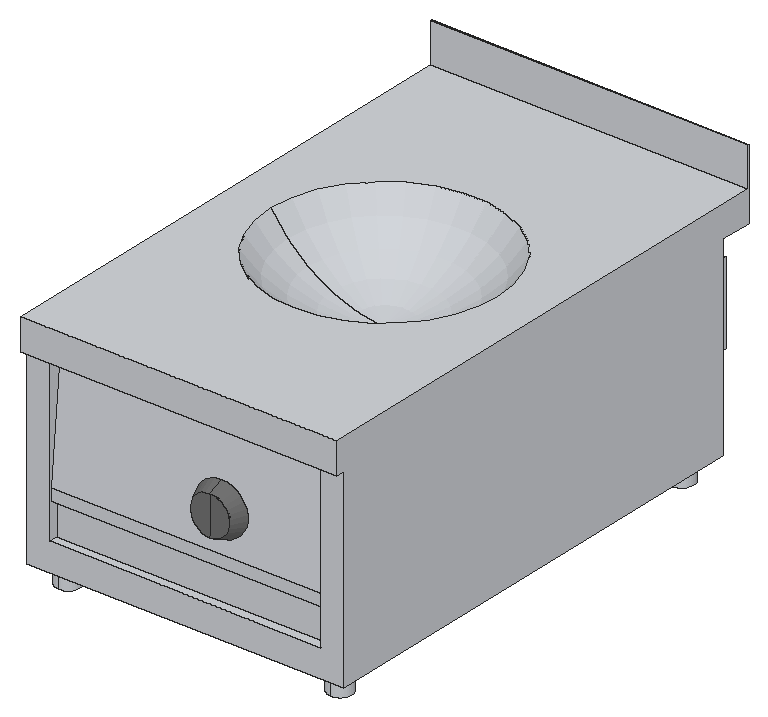
Revit family "Wok SKWi", category Specialty Equipment, Revit 2025
Family settings
  Round Connector Dimension = Use Diameter
  Part Type = Normal
  OmniClass Number = 23.40.40.14.17.17
  OmniClass Title = Ranges
  Work Plane-Based = No
  Enable Cutting in Views = No
  Always vertical = Yes
  Cut with Voids When Loaded = No
  Maintain Annotation Orientation = No
  Shared = No
  Room Calculation Point = No
Parameters (values of type "SKWi - Induction Wok")
  Width = 400 mm
  Weight = ""
  Watts = 3600 W
  Volts = 240 V
  URL Cutsheet = ""
  URL = ""
  Specification by User [instance] = ""
  Specification by Manufacturer = ""
  Serial Number = ""
  Seismic Rating = ""
  SMACNA No = ""
  Phase = 1
  NAFEM Spec ID Number = ""
  Model = "SKWi"
  Masterspec = ""
  Manufacturer = "ADVENTYS"
  Item Number [instance] = ""
  Installed By [instance] = ""
  Height = 310 mm
  HP = ""
  Furnished By [instance] = ""
  Foodservice Equipment Identifier [instance] = yes
  FL Amps = 15 A
  Elec Conn RI Height = 0 mm
  Description = "Induction Wok"
  Depth = 650 mm
  Default Elevation = 0 mm
  CSI MasterFormat = ""
Reference planes
  plane 1 "BACK": y = 0
  plane 2: z = 0
  plane 3 "LEFT": x = 0
  plane 4 "RIGHT": x = 400
  plane 5 "FRONT": y = -650
  plane 6 "TOP": z = 900
  plane 7: z = 590
  plane 8 "CEN": y = -325
  plane 9: y = -173.767
  plane 10: y = -476.233
Forms (mm)
  Revolve 1, solid
    sketch origin (250.129, -43.649, 0) x (0, 1, 0) y (0, 0, 1)
      loop
        line (-601, 768) -> (-601, 801) -> (-619, 793) -> (-619, 768) -> (-601, 768)
      axis (-601, 768) -> (-619, 768)
    angle from 0 to 360
  Extrusion 2, solid
    sketch origin (0, 0, 50) x (0, 1, 0) y (0, 0, 1)
      loop
        line (0, 900) -> (-1.5, 900) -> (-1.5, 850) -> (-650, 850) -> (-650, 810) -> (-639.498, 810) -> (-639.498, 564.95) -> (-39.498, 564.95) -> (-39.498, 810) -> (0, 810) -> (0, 900)
    from 0 to 400
  Extrusion 3, solid
    sketch origin (0, 0, 0) x (0, 1, 0) y (0, 0, 1)
      loop
        line (-39.498, 812.387) -> (-39.498, 709.062) -> (0, 709.062) -> (0, 812.387) -> (-39.498, 812.387)
    from 28.3 to 371.9
  Extrusion 4, solid
    sketch origin (0, 0, 900) x (0, 1, 0) y (-1, 0, 0)
      loop
        circle (-69.498, -28.3) r 15
      loop
        circle (-69.498, -371.7) r 15
      loop
        circle (-609.498, -28.3) r 15
      loop
        circle (-609.498, -371.7) r 15
    from -310 to -285.05
  Revolve 5, void
    sketch origin (0, -325, -50) x (-1, 0, 0) y (0, 0, 1)
      loop
        line (-200, 967.66) -> (-353.196, 967.66)
        arc (-353.196, 967.66) -> (-290.434, 895.851) -> (-200, 865.563) r 182.288
        line (-200, 865.563) -> (-200, 967.66)
      axis (-200, 865.563) -> (-200, 967.66)
    angle from 0 to 360
  Extrusion 6, void
    sketch origin (0, 0.981, 0.034) x (0, 1, 0) y (0, 0, 1)
      loop
        line (-641.025, 860) -> (-641.025, 651.388) -> (-629.498, 651.388) -> (-629.498, 696.388) -> (-639.498, 696.388) -> (-639.498, 711.388) -> (-625, 860) -> (-641.025, 860)
    from 29.298 to 371.9
Cuts and joins
  Revolve 5, Extrusion 6 cuts Extrusion 2
Dimensions and locks
  "Width": plane 4 "RIGHT" to plane 3 "LEFT"
  "Height": plane 7 to plane 6 "TOP"
  "Depth": plane 5 "FRONT" to plane 1 "BACK"
  plane 6 "TOP" to level = 900 mm
  aligned and locked: level to plane 2
  aligned and locked: plane 1 "BACK" to import instance
Automatic sketch dimensions
  plane 5 "FRONT" to Revolve 1 sketch curve = 12.649 mm
  Revolve 1 sketch curve to plane 5 "FRONT" = 5.351 mm
  Revolve 1 sketch curve to plane 6 "TOP" = 132 mm
  Revolve 1 sketch curve to Revolve 1 sketch curve = 25 mm
  Revolve 1 sketch curve to Revolve 1 sketch curve = 8 mm
  Revolve 1 sketch curve to Revolve 1 sketch curve = 0 mm  (x3)
  Extrusion 2 sketch curve to plane 5 "FRONT" = 0 mm
  Extrusion 2 sketch curve to plane 6 "TOP" = 0 mm
  Extrusion 2 sketch curve to plane 1 "BACK" = 0 mm
  Extrusion 2 sketch curve to plane 5 "FRONT" = 10.502 mm
  plane 1 "BACK" to Extrusion 2 sketch curve = 39.498 mm
  Extrusion 2 sketch curve to Extrusion 2 sketch curve = 1.5 mm
  Extrusion 2 sketch curve to plane 6 "TOP" = 40 mm  (x2)
  plane 7 to Extrusion 2 sketch curve = 24.95 mm
  plane 6 "TOP" to Extrusion 2 sketch curve = 50 mm
  Extrusion 3 sketch curve to plane 1 "BACK" = 0 mm
  plane 1 "BACK" to Extrusion 3 sketch curve = 39.498 mm
  plane 7 to Extrusion 3 sketch curve = 119.062 mm
  Extrusion 3 sketch curve to plane 6 "TOP" = 87.613 mm
  Extrusion 4 sketch curve to plane 5 "FRONT" = 40.502 mm  (x2)
  Extrusion 4 sketch curve to plane 4 "RIGHT" = 28.3 mm  (x2)
  plane 1 "BACK" to Extrusion 4 sketch curve = 69.498 mm  (x2)
  plane 3 "LEFT" to Extrusion 4 sketch curve = 28.3 mm  (x2)
  Revolve 5 sketch curve to plane 6 "TOP" = 0 mm
  plane 6 "TOP" to Revolve 5 sketch curve = 17.66 mm
  plane 3 "LEFT" to Revolve 5 sketch curve = 200 mm  (x2)
  Revolve 5 sketch curve to Revolve 5 sketch curve = 10.659 mm
  Revolve 5 sketch curve to Revolve 5 sketch curve = 79.879 mm
  Revolve 5 sketch curve to plane 4 "RIGHT" = 46.804 mm
  Revolve 5 sketch curve to Revolve 5 sketch curve = 202.461 mm
  Extrusion 6 sketch curve to plane 5 "FRONT" = 9.956 mm
  Extrusion 6 sketch curve to plane 5 "FRONT" = 11.483 mm
  Extrusion 6 sketch curve to Extrusion 6 sketch curve = 10 mm
  Extrusion 6 sketch curve to Extrusion 6 sketch curve = 16.025 mm
  plane 7 to Extrusion 6 sketch curve = 61.422 mm
  Extrusion 6 sketch curve to Extrusion 6 sketch curve = 45 mm
  Extrusion 6 sketch curve to Extrusion 6 sketch curve = 15 mm
  Extrusion 6 sketch curve to plane 6 "TOP" = 39.966 mm
  radius of Extrusion 4 sketch curve = 15 mm  (x4)
